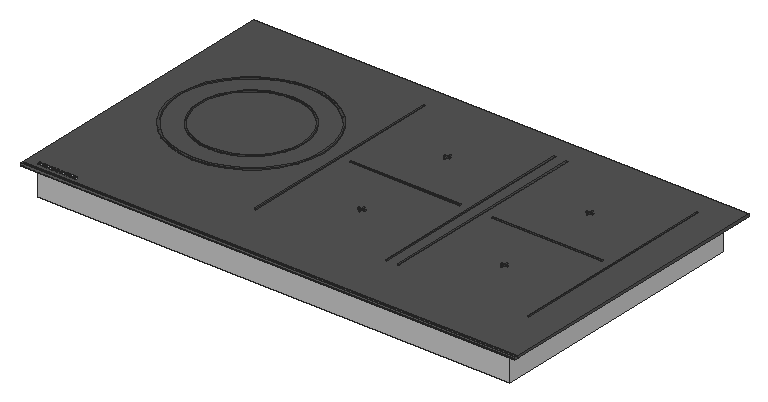
Revit family "FP_Revit_18_CI905DTB4_Cooktop_90000855A", category Specialty Equipment, Revit 2018
Family settings
  Round Connector Dimension = Use Diameter
  Part Type = Normal
  OmniClass Number = 23.40.40.14.17.11
  OmniClass Title = Cookers, Ovens, Stoves
  Work Plane-Based = No
  Always vertical = Yes
  Cut with Voids When Loaded = Yes
  Shared = No
  Room Calculation Point = No
Parameters
  Visibility - Clearance Required = yes
  URL = "www.fisherpaykel.com"
  Product - Width = 899 mm  # constant formula
  Product - Height = 54 mm  # constant formula
  Product - Depth = 530 mm  # constant formula
  Model = "CI905DTB4"
  Material - Trim = Fisher & Paykel - Aluminium, Dark
  Material - Graphics = Fisher & Paykel - Black, Matte
  Material - Cooktop = Fisher & Paykel - Glass, Black
  Material - Body = Fisher & Paykel - Grey
  Manufacturer = "Fisher & Paykel Appliances"
  FFL Offset [instance] = 900 mm
  Description = "90cm Induction Cooktop"
  Connector Note - Electrical = "220-240 V, 48 A, 50 Hz,"
  Clearance - Side Combustible = 30 mm  # constant formula
  Clearance - Rear Combustible = 30 mm  # constant formula
  Clearance - Overhead Rangehood = 650 mm  # constant formula
  Clearance - Below = 65 mm  # constant formula
  Chassis - Width = 858 mm  # constant formula
  Chassis - Height = 49 mm  # constant formula
  Chassis - Depth = 484 mm  # constant formula
  Cavity - Width = 870 mm  # constant formula
  Cavity - Height = 65 mm  # constant formula
  Cavity - Depth = 494 mm  # constant formula
Reference planes
  plane 1 "Datum": y = 0
  plane 2: z = 0
  plane 3 "Center (Left/Right)": x = 0
  plane 4 "Product LHS": x = -449.5
  plane 5 "Product RHS": x = 449.5
  plane 6 "Product - Depth": y = 530
  plane 7 "Cavity LHS": x = -435
  plane 8 "Cavity RHS": x = 435
  plane 9 "Cavity - Depth": y = 501.2
  plane 10 "Chassis Front": y = 13.2
  plane 11 "Chassis - Depth": y = 497.2
  plane 12 "Cavity - Front": y = 7.2
  plane 13 "Basepan": z = 851
  plane 14 "Benchtop": z = 900
  plane 15 "Glass": z = 905
Forms (mm)
  Extrusion 1, solid, material "Fisher & Paykel - Glass, Black" <- "Material - Cooktop"
    sketch origin (0, 0, 0) x (0, 1, 0) y (0, 0, 1)
      loop
        line (5.299, 905) -> (5.299, 901) -> (530, 901) -> (530, 905) -> (5.299, 905)
    from -449.5 to 449.5
  Extrusion 2, solid, material "Fisher & Paykel - Aluminium, Dark" <- "Material - Trim", detail levels fine
    sketch origin (0, 0, 0) x (0, 1, 0) y (0, 0, 1)
      loop
        line (5.299, 905) -> (0.45, 905) -> (0, 901.5) -> (0, 900) -> (8.39, 900) -> (8.39, 901) -> (5.299, 901) -> (5.299, 905)
    from -449.5 to 449.5
  Extrusion 3, solid, material "Fisher & Paykel - Clearance Required (Cutout)", visible <- "Visibility - Clearance Required", detail levels coarse
    sketch origin (0, 24.768, 0) x (1, 0, 0) y (0, 1, 0)
      loop
        line (-435, 476.432) -> (-435, -17.568) -> (435, -17.568) -> (435, 476.432) -> (-435, 476.432)
    from 835 to 900
  Extrusion 4, solid, material "Fisher & Paykel - Aluminium, Dark" <- "Material - Trim", detail levels coarse+medium
    sketch origin (0, 0, 0) x (0, 1, 0) y (0, 0, 1)
      loop
        line (5.299, 905) -> (0, 905) -> (0, 900) -> (5.299, 900) -> (5.299, 905)
    from -449.5 to 449.5
  Extrusion 5, solid, material "Fisher & Paykel - Clearance Required (Rangehood)", detail levels coarse
    sketch origin (0, 0, 0) x (1, 0, 0) y (0, 1, 0)
      loop
        line (-465, 0) -> (465, 0) -> (465, 531.2) -> (-465, 531.2) -> (-465, 0)
    from 905 to 1555
  Extrusion 6, solid, material "Fisher & Paykel - Grey" <- "Material - Body"
    sketch origin (0, 0, 0) x (0, 1, 0) y (0, 0, 1)
      loop
        line (497.2, 851) -> (497.2, 900) -> (13.2, 900) -> (13.2, 851) -> (497.2, 851)
    from -429 to 429
  Extrusion 7, solid, material "Fisher & Paykel - Grey" <- "Material - Body"
    sketch origin (-151, 0, 0) x (1, 0, 0) y (0, 1, 0)
      loop
        line (-287, 520.2) -> (-287, 8.39) -> (589, 8.39) -> (589, 520.2) -> (-287, 520.2)
    from 900 to 901
  Extrusion 8, solid, material "Fisher & Paykel - Black, Matte" <- "Material - Graphics", detail levels fine
    sketch origin (0, 0, 0) x (1, 0, 0) y (0, 1, 0)
      loop
        line (-106.987, 487.735) -> (-106.987, 104.59) -> (-104.787, 104.59) -> (-104.787, 487.735) -> (-106.987, 487.735)
      loop
        line (-86.192, 296.263) -> (-86.192, 294.063) -> (113.808, 294.063) -> (113.808, 296.263) -> (-86.192, 296.263)
      loop
        line (172.974, 296.263) -> (172.974, 294.063) -> (372.474, 294.063) -> (372.474, 296.263) -> (172.974, 296.263)
      loop
        line (130.504, 487.735) -> (130.504, 104.59) -> (132.704, 104.59) -> (132.704, 487.735) -> (130.504, 487.735)
      loop
        line (152.18, 487.735) -> (152.18, 104.59) -> (154.379, 104.59) -> (154.379, 487.735) -> (152.18, 487.735)
      loop
        line (389.17, 487.735) -> (389.17, 104.59) -> (391.37, 104.59) -> (391.37, 487.735) -> (389.17, 487.735)
      loop
        circle (-265.54, 294.663) r 133.923
      loop
        circle (-265.54, 294.663) r 130.923
      loop
        circle (-265.54, 294.663) r 95
      loop
        circle (-265.54, 294.663) r 92.858
      loop
        line (11.782, 398.2) -> (11.782, 393.034) -> (6.616, 393.034) -> (6.616, 391.066) -> (11.782, 391.066) -> (11.782, 385.899) -> (13.75, 385.899) -> (13.75, 391.066) -> (18.916, 391.066) -> (18.916, 393.034) -> (13.75, 393.034) -> (13.75, 398.2) -> (11.782, 398.2)
      loop
        line (11.782, 204.31) -> (11.782, 199.144) -> (6.616, 199.144) -> (6.616, 197.176) -> (11.782, 197.176) -> (11.782, 192.009) -> (13.75, 192.009) -> (13.75, 197.176) -> (18.916, 197.176) -> (18.916, 199.144) -> (13.75, 199.144) -> (13.75, 204.31) -> (11.782, 204.31)
      loop
        line (270.877, 204.31) -> (270.877, 199.144) -> (265.711, 199.144) -> (265.711, 197.176) -> (270.877, 197.176) -> (270.877, 192.009) -> (272.845, 192.009) -> (272.845, 197.176) -> (278.011, 197.176) -> (278.011, 199.144) -> (272.845, 199.144) -> (272.845, 204.31) -> (270.877, 204.31)
      loop
        line (270.877, 398.2) -> (270.877, 393.034) -> (265.711, 393.034) -> (265.711, 391.066) -> (270.877, 391.066) -> (270.877, 385.899) -> (272.845, 385.899) -> (272.845, 391.066) -> (278.011, 391.066) -> (278.011, 393.034) -> (272.845, 393.034) -> (272.845, 398.2) -> (270.877, 398.2)
    from 905 to 906
  Extrusion 9, solid, material "Fisher & Paykel - Grey" <- "Material - Body", detail levels fine
    sketch origin (0, 0, 0) x (1, 0, 0) y (0, 1, 0)
      loop
        circle (0, 477.2) r 5
    from 845 to 851
  Extrusion 10, void
    sketch origin (0, 24.768, 0) x (1, 0, 0) y (0, 1, 0)
      loop
        line (-435, 476.432) -> (-435, -17.568) -> (435, -17.568) -> (435, 476.432) -> (-435, 476.432)
    from 835 to 900
Text (mm)
  text "Due to ongoing product development, product details are subject to change without notice. \nPlease always refer to www.fisherpaykel.com for the most current product information. \n© Fisher & Paykel 2020" at (41.04, -102.478, 0), in view "Ref. Level (Plan)"
Dimensions and locks
  equal spacing: plane 4 "Product LHS", plane 3 "Center (Left/Right)", plane 5 "Product RHS"
  "Product - Width": plane 4 "Product LHS" to plane 5 "Product RHS"
  equal spacing: plane 7 "Cavity LHS", plane 3 "Center (Left/Right)", plane 8 "Cavity RHS"
  "Cavity - Width": plane 7 "Cavity LHS" to plane 8 "Cavity RHS"
  "Product - Depth": Extrusion 1 to plane 1 "Datum"
  equal spacing: Extrusion 6, plane 3 "Center (Left/Right)", Extrusion 6
  "Chassis - Width": Extrusion 6 to Extrusion 6
  equal spacing: Extrusion 7, plane 3 "Center (Left/Right)", Extrusion 7
  locked: plane 1 "Datum" to plane 10 "Chassis Front" at 13.2
  plane 10 "Chassis Front" to plane 12 "Cavity - Front" = 6 mm
  "Cavity - Depth": plane 9 "Cavity - Depth" to plane 12 "Cavity - Front"
  "Chassis - Depth": plane 11 "Chassis - Depth" to plane 10 "Chassis Front"
  locked: plane 15 "Glass" to plane 14 "Benchtop" at 5
  "Chassis - Height": plane 14 "Benchtop" to plane 13 "Basepan"
  "FFL Offset": plane 14 "Benchtop" to level
  "Clearance - Below": plane 14 "Benchtop" to Extrusion 3
  locked: plane 15 "Glass" to Extrusion 1 sketch curve at 4
  locked: nested 1 to plane 15 "Glass" at 0.8
  locked: Extrusion 8 to plane 15 "Glass" at 1
  locked: Extrusion 9 to plane 14 "Benchtop" at 55
  "Clearance - Side Combustible": Extrusion 5 to plane 7 "Cavity LHS"
  "Clearance - Side Combustible": plane 8 "Cavity RHS" to Extrusion 5
  "Clearance - Rear Combustible": Extrusion 5 to plane 9 "Cavity - Depth"
  "Clearance - Overhead Rangehood": Extrusion 5 to plane 15 "Glass"
  aligned and locked: level to plane 2
  aligned and locked: Extrusion 1 to plane 5 "Product RHS"
  aligned and locked: plane 4 "Product LHS" to Extrusion 1
  aligned and locked: Extrusion 2 to plane 5 "Product RHS"
  aligned and locked: plane 4 "Product LHS" to Extrusion 4
  aligned and locked: Extrusion 4 to plane 5 "Product RHS"
  aligned and locked: Extrusion 4 to Extrusion 1
  aligned and locked: Extrusion 1 to Extrusion 4  (x2)
  aligned and locked: plane 9 "Cavity - Depth" to Extrusion 3
  aligned and locked: plane 4 "Product LHS" to Extrusion 2
  aligned and locked: plane 11 "Chassis - Depth" to Extrusion 6
  aligned and locked: Extrusion 6 to Extrusion 7
  aligned and locked: Extrusion 9 to Extrusion 6
  aligned and locked: Extrusion 5 to plane 15 "Glass"
  aligned and locked: plane 14 "Benchtop" to Extrusion 3
  aligned and locked: Extrusion 1 sketch curve to plane 15 "Glass"
  aligned and locked: Extrusion 7 to Extrusion 3
  aligned and locked: Extrusion 7 to Extrusion 1
  aligned and locked: Extrusion 6 to plane 13 "Basepan"
  aligned and locked: Extrusion 4 to Extrusion 2
  aligned and locked: Extrusion 2 to Extrusion 1
  aligned and locked: Extrusion 2 to Extrusion 3
  aligned and locked: Extrusion 1 to Extrusion 2
  aligned and locked: Extrusion 8 to Extrusion 1
  aligned and locked: Extrusion 10 to Extrusion 3  (x2)
Automatic sketch dimensions
  Extrusion 1 sketch curve to plane 6 "Product - Depth" = 0 mm
  Extrusion 1 sketch curve to plane 12 "Cavity - Front" = 1.901 mm
  Extrusion 2 sketch curve to plane 1 "Datum" = 0 mm
  Extrusion 2 sketch curve to plane 15 "Glass" = 0 mm
  Extrusion 2 sketch curve to plane 14 "Benchtop" = 0 mm
  Extrusion 2 sketch curve to plane 1 "Datum" = 0.45 mm
  Extrusion 2 sketch curve to plane 12 "Cavity - Front" = 1.901 mm
  plane 12 "Cavity - Front" to Extrusion 2 sketch curve = 1.189 mm
  plane 14 "Benchtop" to Extrusion 2 sketch curve = 1 mm
  plane 14 "Benchtop" to Extrusion 2 sketch curve = 1.5 mm
  Extrusion 3 sketch curve to plane 12 "Cavity - Front" = 0 mm
  plane 9 "Cavity - Depth" to Extrusion 3 sketch curve = 0 mm
  plane 7 "Cavity LHS" to Extrusion 3 sketch curve = 0 mm
  Extrusion 3 sketch curve to plane 8 "Cavity RHS" = 0 mm
  Extrusion 4 sketch curve to plane 1 "Datum" = 0 mm
  Extrusion 4 sketch curve to plane 14 "Benchtop" = 0 mm
  Extrusion 4 sketch curve to plane 15 "Glass" = 0 mm
  Extrusion 4 sketch curve to plane 12 "Cavity - Front" = 1.901 mm
  plane 1 "Datum" to Extrusion 5 sketch curve = 0 mm
  plane 6 "Product - Depth" to Extrusion 5 sketch curve = 1.2 mm
  plane 4 "Product LHS" to Extrusion 5 sketch curve = 15.5 mm
  Extrusion 5 sketch curve to plane 5 "Product RHS" = 15.5 mm
  Extrusion 6 sketch curve to plane 10 "Chassis Front" = 0 mm
  Extrusion 6 sketch curve to plane 11 "Chassis - Depth" = 0 mm
  Extrusion 6 sketch curve to plane 13 "Basepan" = 0 mm
  Extrusion 6 sketch curve to plane 14 "Benchtop" = 0 mm
  plane 12 "Cavity - Front" to Extrusion 7 sketch curve = 1.189 mm
  plane 7 "Cavity LHS" to Extrusion 7 sketch curve = 3 mm
  Extrusion 7 sketch curve to plane 8 "Cavity RHS" = 3 mm
  Extrusion 7 sketch curve to plane 6 "Product - Depth" = 9.8 mm
  Extrusion 8 sketch curve to Extrusion 8 sketch curve = 0 mm  (x25)
  Extrusion 8 sketch curve to plane 7 "Cavity LHS" = 169.46 mm
  Extrusion 8 sketch curve to plane 3 "Center (Left/Right)" = 106.987 mm
  Extrusion 8 sketch curve to Extrusion 8 sketch curve = 2.2 mm  (x6)
  Extrusion 8 sketch curve to plane 3 "Center (Left/Right)" = 86.192 mm
  plane 3 "Center (Left/Right)" to Extrusion 8 sketch curve = 6.616 mm  (x2)
  Extrusion 8 sketch curve to Extrusion 8 sketch curve = 5.166 mm  (x16)
  Extrusion 8 sketch curve to Extrusion 8 sketch curve = 1.968 mm  (x12)
  plane 3 "Center (Left/Right)" to Extrusion 8 sketch curve = 113.808 mm
  Extrusion 8 sketch curve to plane 11 "Chassis - Depth" = 9.465 mm  (x4)
  plane 3 "Center (Left/Right)" to Extrusion 8 sketch curve = 130.504 mm
  Extrusion 8 sketch curve to Extrusion 8 sketch curve = 19.475 mm
  Extrusion 8 sketch curve to Extrusion 8 sketch curve = 59.166 mm
  Extrusion 8 sketch curve to Extrusion 8 sketch curve = 92.737 mm  (x2)
  plane 8 "Cavity RHS" to Extrusion 8 sketch curve = 62.526 mm
  plane 8 "Cavity RHS" to Extrusion 8 sketch curve = 45.83 mm
  Extrusion 8 sketch curve to plane 11 "Chassis - Depth" = 99 mm  (x2)
  Extrusion 8 sketch curve to Extrusion 8 sketch curve = 94.803 mm  (x2)
  Extrusion 8 sketch curve to Extrusion 8 sketch curve = 1.6 mm
  Extrusion 8 sketch curve to Extrusion 8 sketch curve = 89.753 mm  (x2)
  plane 10 "Chassis Front" to Extrusion 8 sketch curve = 91.39 mm  (x3)
  Extrusion 9 sketch curve to plane 3 "Center (Left/Right)" = 0 mm
  Extrusion 9 sketch curve to plane 11 "Chassis - Depth" = 20 mm
  Extrusion 10 sketch curve to plane 12 "Cavity - Front" = 0 mm
  plane 9 "Cavity - Depth" to Extrusion 10 sketch curve = 0 mm
  plane 7 "Cavity LHS" to Extrusion 10 sketch curve = 0 mm
  Extrusion 10 sketch curve to plane 8 "Cavity RHS" = 0 mm
  radius of Extrusion 8 sketch curve = 133.923 mm
  radius of Extrusion 8 sketch curve = 130.923 mm
  radius of Extrusion 8 sketch curve = 95 mm
  radius of Extrusion 8 sketch curve = 92.858 mm
  radius of Extrusion 9 sketch curve = 5 mm
Nested families
  nested 1: "F&P Logo 70mm Horizontal" at (-394.001, 14.253, 905), type "F&P Logo 70mm Horizontal"
Connectors
  electrical at (0, 477.2, 845), driven by "Connector Note - Electrical"
    settings: on Extrusion 9, index 1, voltage 230 V, apparent load 0 VA, apparent load phase1 0 VA, apparent load phase2 0 VA, apparent load phase3 0 VA, power factor 1, load classification "Other", number of poles 1, system type 30, power factor state 1, is connector primary yes, connector utility no, sub classification motor no, connector description "220-240 V, 48 A, 50 Hz,"
Definition of nested family "F&P Logo 70mm Horizontal"
  Parameters (values of type "F&P Logo 70mm Horizontal")
    URL = "www.fisherpaykel.com"
    Material - Logo = none
    Manufacturer = "Fisher & Paykel Appliances"
  Reference planes
    plane 1 "Center (Front/Back)": y = 0
    plane 2: z = 0
    plane 3 "Center (Left/Right)": x = 0
  Forms (mm)
    Extrusion 1, solid, material <- "Material - Logo", detail levels fine
      sketch origin (0, 0, 0) x (1, 0, 0) y (0, 1, 0)
        loop
          line (-34.997, -0.356) -> (-33.895, -0.356) -> (-33.895, 1.141) -> (-32.174, 1.141) -> (-32.174, 2.075) -> (-33.895, 2.075) -> (-33.895, 2.943) -> (-32.023, 2.943) -> (-32.023, 3.872) -> (-34.997, 3.872) -> (-34.997, -0.356)
        loop
          line (-29.929, 3.872) -> (-29.929, -0.356) -> (-28.828, -0.356) -> (-28.828, 3.872) -> (-29.929, 3.872)
        loop
          line (-21.473, 3.872) -> (-21.473, -0.356) -> (-20.372, -0.356) -> (-20.372, 1.338) -> (-18.754, 1.338) -> (-18.754, -0.356) -> (-17.652, -0.356) -> (-17.652, 3.872) -> (-18.754, 3.872) -> (-18.754, 2.268) -> (-20.372, 2.268) -> (-20.372, 3.872) -> (-21.473, 3.872)
        loop
          line (-15.301, 3.872) -> (-15.301, -0.356) -> (-12.288, -0.356) -> (-12.288, 0.444) -> (-14.209, 0.444) -> (-14.209, 1.338) -> (-12.453, 1.338) -> (-12.453, 2.268) -> (-14.209, 2.268) -> (-14.209, 3.072) -> (-12.288, 3.072) -> (-12.288, 3.872) -> (-15.301, 3.872)
        loop
          line (32, 3.872) -> (32, -0.356) -> (35.003, -0.356) -> (35.003, 0.574) -> (33.102, 0.574) -> (33.102, 3.872) -> (32, 3.872)
        loop
          line (29.735, 3.872) -> (26.712, 3.872) -> (26.712, -0.356) -> (29.735, -0.356) -> (29.735, 0.444) -> (27.814, 0.444) -> (27.814, 1.338) -> (29.57, 1.338) -> (29.57, 2.268) -> (27.814, 2.268) -> (27.814, 3.072) -> (29.735, 3.072) -> (29.735, 3.872)
        loop
          line (23.449, 1.848) -> (25.012, 3.872) -> (23.724, 3.872) -> (22.374, 2.124) -> (22.374, 3.872) -> (21.273, 3.872) -> (21.273, -0.356) -> (22.374, -0.356) -> (22.374, 1.538) -> (23.765, -0.356) -> (25.067, -0.356) -> (23.449, 1.848)
        loop
          line (15.42, 3.872) -> (17.017, 1.338) -> (17.017, -0.356) -> (18.119, -0.356) -> (18.119, 1.283) -> (19.717, 3.872) -> (18.546, 3.872) -> (17.603, 2.239) -> (16.66, 3.872) -> (15.42, 3.872)
        loop
          line (12.969, 3.872) -> (11.922, 3.872) -> (10.2, -0.356) -> (11.282, -0.356) -> (11.585, 0.422) -> (13.278, 0.422) -> (13.581, -0.356) -> (14.69, -0.356) -> (12.969, 3.872)
        loop
          line (12.913, 1.352) -> (12.419, 2.566) -> (11.946, 1.352) -> (12.913, 1.352)
        loop
          line (5.556, 3.872) -> (5.556, -0.356) -> (6.653, -0.356) -> (6.653, 1.001) -> (7.453, 1.001)
          spline (7.453, 1.001) -> (7.884, 1.05) -> (8.285, 1.193) -> (8.63, 1.421) -> (8.895, 1.719) -> (9.061, 2.065) -> (9.118, 2.436) -> (9.061, 2.808) -> (8.895, 3.154) -> (8.63, 3.452) -> (8.285, 3.68) -> (7.884, 3.823) -> (7.453, 3.872)
          line (7.453, 3.872) -> (5.556, 3.872)
        loop
          spline (7.385, 1.882) -> (7.558, 1.9) -> (7.72, 1.953) -> (7.858, 2.037) -> (7.965, 2.147) -> (8.032, 2.275) -> (8.055, 2.412) -> (8.032, 2.55) -> (7.965, 2.677) -> (7.858, 2.787) -> (7.72, 2.872) -> (7.558, 2.924) -> (7.385, 2.943)
          line (7.385, 2.943) -> (6.585, 2.943) -> (6.585, 1.882) -> (7.385, 1.882)
        loop
          line (-8.294, 2.943) -> (-9.094, 2.943) -> (-9.094, 1.781) -> (-8.294, 1.781)
          spline (-8.294, 1.781) -> (-8.121, 1.801) -> (-7.96, 1.859) -> (-7.822, 1.951) -> (-7.716, 2.072) -> (-7.649, 2.212) -> (-7.626, 2.362) -> (-7.649, 2.512) -> (-7.716, 2.652) -> (-7.822, 2.772) -> (-7.96, 2.865) -> (-8.121, 2.923) -> (-8.294, 2.943)
        loop
          line (-8.214, 3.872) -> (-10.262, 3.872) -> (-10.262, -0.356) -> (-9.094, -0.356) -> (-9.094, 0.492) -> (-8.294, 0.492) -> (-7.647, -0.356) -> (-6.373, -0.356) -> (-7.445, 1.016)
          spline (-7.445, 1.016) -> (-7.148, 1.205) -> (-6.902, 1.45) -> (-6.72, 1.739) -> (-6.611, 2.058) -> (-6.58, 2.391) -> (-6.628, 2.723) -> (-6.754, 3.037) -> (-6.95, 3.317) -> (-7.208, 3.551) -> (-7.515, 3.726) -> (-7.856, 3.835) -> (-8.214, 3.872)
        loop
          line (0.368, 2.943) -> (0.368, 3.951) -> (-2.559, 3.951) -> (-2.559, 3.151) -> (-2.048, 2.522)
          spline (-2.048, 2.522) -> (-2.373, 2.187) -> (-2.606, 1.789) -> (-2.731, 1.355) -> (-2.74, 0.914) -> (-2.632, 0.497) -> (-2.414, 0.133) -> (-2.102, -0.155) -> (-1.716, -0.347) -> (-1.283, -0.429) -> (-0.832, -0.395) -> (-0.395, -0.249) -> (0, 0)
          line (0, 0) -> (0.504, -0.621) -> (1.644, -0.621) -> (0.602, 0.712) -> (1.591, 2.137) -> (0.459, 2.137) -> (0.003, 1.48) -> (-1.14, 2.943) -> (0.368, 2.943)
        loop
          spline (-1.353, 1.874) -> (-1.563, 1.673) -> (-1.729, 1.449) -> (-1.839, 1.217) -> (-1.886, 0.992) -> (-1.867, 0.792) -> (-1.783, 0.627) -> (-1.639, 0.511) -> (-1.447, 0.451) -> (-1.218, 0.451) -> (-0.968, 0.512) -> (-0.714, 0.628) -> (-0.475, 0.792)
          line (-0.475, 0.792) -> (-1.353, 1.874)
        loop
          arc (-25.449, 3.004) -> (-24.591, 2.949) -> (-23.808, 2.592) r 2.379
          line (-23.808, 2.592) -> (-23.808, 3.586)
          arc (-23.808, 3.586) -> (-24.619, 3.915) -> (-25.494, 3.936) r 2.437
          arc (-25.494, 3.936) -> (-26.617, 2.99) -> (-26.18, 1.588) r 1.327
          arc (-26.18, 1.588) -> (-25.746, 1.367) -> (-25.276, 1.236) r 2.46
          spline (-25.276, 1.236) -> (-25.124, 1.211) -> (-24.98, 1.158) -> (-24.856, 1.083) -> (-24.761, 0.989) -> (-24.703, 0.886) -> (-24.686, 0.78) -> (-24.713, 0.681) -> (-24.78, 0.596) -> (-24.882, 0.532) -> (-25.011, 0.494) -> (-25.158, 0.485) -> (-25.311, 0.505)
          arc (-25.311, 0.505) -> (-26.045, 0.647) -> (-26.714, 0.98) r 2.761
          line (-26.714, 0.98) -> (-26.714, -0.067)
          arc (-26.714, -0.067) -> (-25.66, -0.377) -> (-24.564, -0.318) r 3.237
          arc (-24.564, -0.318) -> (-23.597, 0.72) -> (-24.205, 2.002) r 1.263
          arc (-24.205, 2.002) -> (-24.834, 2.249) -> (-25.488, 2.42) r 5.78
          spline (-25.488, 2.42) -> (-25.537, 2.449) -> (-25.58, 2.49) -> (-25.615, 2.541) -> (-25.639, 2.6) -> (-25.653, 2.664) -> (-25.654, 2.73) -> (-25.644, 2.795) -> (-25.622, 2.856) -> (-25.59, 2.909) -> (-25.549, 2.953) -> (-25.502, 2.985) -> (-25.449, 3.004)
      from 0 to 0.8
  Dimensions and locks
    Extrusion 1 sketch curve to Extrusion 1 sketch curve = 70 mm
    aligned and locked: level to plane 2
